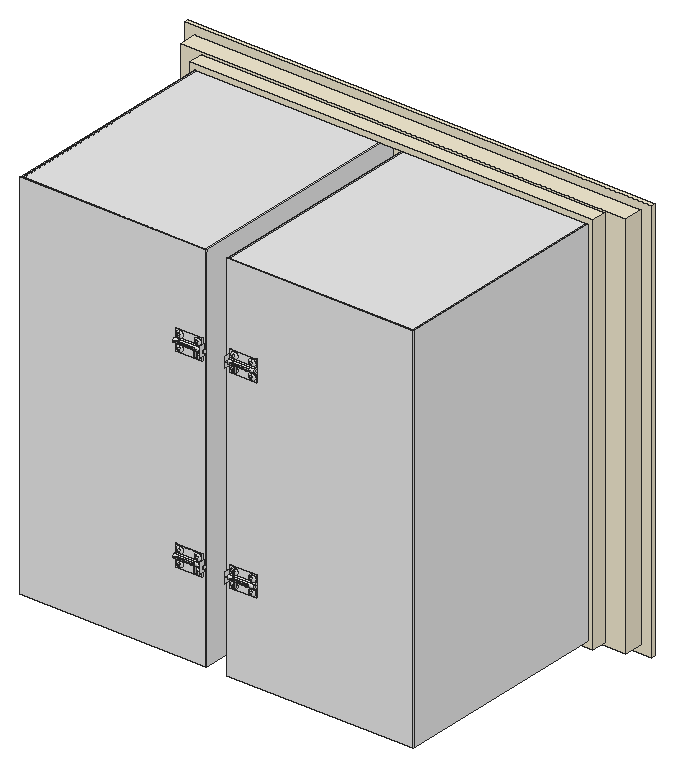
Revit family "4C-7_Door_High_Units_RL.rfa", category Specialty Equipment, host Wall, Revit 2016
Family settings
  Host = Wall
  Part Type = Normal
  Round Connector Dimension = Use Diameter
  Always vertical = Yes
  Cut with Voids When Loaded = No
  Shared = No
  Room Calculation Point = No
Parameters (values of type "3707D-12 RL")
  Width = 31.09766"
  Visible Door Number [instance] = yes
  Vertical Center Divider = yes
  Version = "2.0 (08/09/16)"
  Type Comments = "4C Standard Horizontal Mailbox - Rear Loading"
  Top Back Plate = no
  Right Inside Wall = yes
  Model = "3707D-12 RL"
  MasterFormat Title = "Postal Specialties"
  MasterFormat Number = "10 55 00"
  Manufacturer = "Salsbury Industries"
  Lock Material = Stainless Steel -Salsbury Finish =  Polished
  Left Inside Wall = yes
  Latch Locks - Right Side = yes
  Latch Locks - Left Side = yes
  Latch Alignment = 14.85742"
  Keynote = ""
  Height = 26.970"
  Front Panel Material [instance] = Aluminum - Salsbury Finish = Sandstone
  Door Slot R7 Number [instance] = "12"
  Door Slot R7 = 3700 Series 4C Door Configurations : MB1 Door w/ Divider
  Door Slot R6 Number [instance] = "11"
  Door Slot R6 = 3700 Series 4C Door Configurations : MB1 Door w/ Divider
  Door Slot R5 Number [instance] = "10"
  Door Slot R5 = 3700 Series 4C Door Configurations : MB1 Door w/ Divider
  Door Slot R4 Number [instance] = "0"
  Door Slot R4 = 3700 Series 4C OM2 Configuration : OM2-RL
  Door Slot R3 Number [instance] = "0"
  Door Slot R3 = 3700 Series 4C Door Configurations : Empty
  Door Slot R2 Number [instance] = "9"
  Door Slot R2 = 3700 Series 4C Door Configurations : MB1 Door w/ Divider
  Door Slot R1 Number [instance] = "8"
  Door Slot R1 = 3700 Series 4C Door Configurations : MB1 Door
  Door Slot L7 Number [instance] = "7"
  Door Slot L7 = 3700 Series 4C Door Configurations : MB1 Door w/ Divider
  Door Slot L6 Number [instance] = "6"
  Door Slot L6 = 3700 Series 4C Door Configurations : MB1 Door w/ Divider
  Door Slot L5 Number [instance] = "5"
  Door Slot L5 = 3700 Series 4C Door Configurations : MB1 Door w/ Divider
  Door Slot L4 Number [instance] = "4"
  Door Slot L4 = 3700 Series 4C Door Configurations : MB1 Door w/ Divider
  Door Slot L3 Number [instance] = "3"
  Door Slot L3 = 3700 Series 4C Door Configurations : MB1 Door w/ Divider
  Door Slot L2 Number [instance] = "2"
  Door Slot L2 = 3700 Series 4C Door Configurations : MB1 Door w/ Divider
  Door Slot L1 Number [instance] = "1"
  Door Slot L1 = 3700 Series 4C Door Configurations : MB1 Door
  Description = "7 Door High Unit: 12 MB1, OM2"
  Depth = 17.025"
  Center Extrusion Offset [instance] = 0.000"
  Bottom Back Plate = no
  Back Enclosure Material = Aluminum - Salsbury Finish = Anodized
  Assembly Code = "C1030910"
  Above Finished Floor (AFF-Bottom of Unit) [instance] = 26.683"
  Above Finished Floor (AFF-Bottom of Door) [instance] = 28.000"
Reference planes (in)
  plane 1 "Wall Centerline": y = 0
  plane 2 "Center (Left/Right)": x = 0
  plane 3 "Front": y = 3
  plane 4 "15" AFF": z = 28
  plane 5 "28" AFF": z = 28
  plane 6 "36" AFF": z = 36
  plane 7 "48" AFF": z = 48
  plane 8 "Bottom of Unit": z = 26.683
  plane 9 "Top of Unit": z = 53.653
  plane 10 "Left Side of Unit": x = 15.54883
  plane 11 "Right Side of Unit": x = -15.54883
  plane 12 "28" AFF_Bottom of Unit": z = 26.683
  plane 13 "Top Horiz Trim Align": z = 52.82225
  plane 14 "Bottom Horiz Trim Align": z = 27.515
  plane 15 "Left Trim Align": x = 14.716
  plane 16 "Right Trim Align": x = -14.716
  plane 17 "Left Door Align": x = 14.06641
  plane 18 "Right Door Align": x = -14.06641
  plane 19 "Top Horiz Door Align": z = 52.23125
  plane 20 "Bottom Horiz Door Align": z = 28
  plane 21 "Front Face of Unit": y = 3.265
  plane 22 "Top Housing Align": z = 53.149
  plane 23 "Top Collar Align": z = 53.001
  plane 24 "Top Box Align": z = 52.646
  plane 25 "Vertical Housing Align": y = 1.795
  plane 26 "Vertical Collar Align": y = 0.795
  plane 27 "Back of Unit": y = -13.76
  plane 28 "Bottom Housing Align": z = 27.187
  plane 29 "Bottom Collar Align": z = 27.335
  plane 30 "Bottom Box Align": z = 27.75
  plane 31 "Door Alignment": y = 2.66809
  plane 32 "Right Housing Align": x = -14.84183
  plane 33 "Right Collar Align": x = -13.40883
  plane 34 "Right Box Side Align": x = -13.08083
  plane 35 "Left Housing Align": x = 14.84183
  plane 36 "Left Collar Align": x = 13.40883
  plane 37 "Left Side Box Align": x = 13.08083
  plane 38 "Top Back Plate Align": z = 51.867
  plane 39 "Back": y = -3
  plane 40 "RO Left Side": x = 15.17383
  plane 41 "RO Right Side": x = -15.17383
  plane 42 "RO Bottom": z = 27.058
  plane 43 "RO Top": z = 53.278
  plane 44 "Horiz Centerline": z = 42.04237
  plane 45: x = 12.99983
  plane 46: x = 12.92758
  plane 47 "Center Extrusion": x = 0
  plane 48 "Center Extrusion Offset": x = 0
  plane 49 "Row 4 Top Align": z = 42
  plane 50 "Row 3 Top Align": z = 45.5
  plane 51 "Row 2 Top Align": z = 49
  plane 52 "Row 7 Top Align": z = 31.5
  plane 53 "Row 6 Top Align": z = 35
  plane 54 "Row 5 Top Align": z = 38.5
  plane 55 "Top of base shelf": z = 28.41625
  plane 56 "base shelf void": z = 28.23439
  plane 57: z = 29.999
  plane 58: z = 28.499
  plane 59 "bottom of base shelf": z = 27.88469
  plane 60 "Right Latch Align": x = -0.69141
  plane 61 "Left Latch Align": x = 0.69141
  plane 62 "Bottom Latch Align": z = 33.765
  plane 63 "Top Latch Align": z = 46.631
Forms (in)
  Extrusion 1, void
    sketch origin (0, 3, 0) x (1, 0, 0) y (0, 0, 1)
      loop
        line (15.17383, 53.278) -> (-15.17383, 53.278) -> (-15.17383, 27.058) -> (15.17383, 27.058) -> (15.17383, 53.278)
    from 0 to 15.27914
  Extrusion 2, solid, material "Aluminum - Salsbury Finish = Sandstone" <- "Front Panel Material"
    sketch origin (0, 3, 0) x (1, 0, 0) y (0, 0, 1)
      loop
        line (15.54883, 53.653) -> (-15.54883, 53.653) -> (-15.54883, 26.683) -> (15.54883, 26.683) -> (15.54883, 53.653)
    from -0.265 to 0
  Extrusion 3, void
    sketch origin (0, 3.265, 0.00774) x (0, 0, -1) y (-1, 0, 0)
      loop
        line (-52.81451, -14.716) -> (-27.50726, -14.716) -> (-27.50726, 14.716) -> (-52.81451, 14.716) -> (-52.81451, -14.716)
    from -0.265 to 0
  Extrusion 4, solid, material "Aluminum - Salsbury Finish = Sandstone" <- "Front Panel Material"
    sketch origin (14.98214, 3.265, -1.67978) x (0, 0, -1) y (-1, 0, 0)
      loop
        line (-54.50203, 29.69814) -> (-54.50203, 29.04855) -> (-29.19478, 29.04855) -> (-29.19478, 29.69814) -> (-54.50203, 29.69814)
    from 0 to -0.265
  Extrusion 5, solid, material "Aluminum - Salsbury Finish = Sandstone" <- "Front Panel Material"
    sketch origin (0, 3.265, 84.08475) x (0, 0, 1) y (1, 0, 0)
      loop
        line (-56.56975, 14.06641) -> (-56.56975, -14.06641) -> (-56.08475, -14.06641) -> (-56.08475, 14.06641) -> (-56.56975, 14.06641)
    from -0.265 to 0
  Extrusion 6, solid, material "Aluminum - Salsbury Finish = Sandstone" <- "Front Panel Material"
    sketch origin (0, 3, 84.08475) x (1, 0, 0) y (0, 0, 1)
      loop
        line (-14.84183, -56.89775) -> (14.84183, -56.89775) -> (14.84183, -30.93575) -> (-14.84183, -30.93575) -> (-14.84183, -56.89775)
    from 0 to 1.205
  Extrusion 7, solid, material "Aluminum - Salsbury Finish = Sandstone" <- "Front Panel Material"
    sketch origin (0, 1.795, 0) x (0, 0, 1) y (-1, 0, 0)
      loop
        line (27.335, 13.40883) -> (27.335, -13.40883) -> (53.001, -13.40883) -> (53.001, 13.40883) -> (27.335, 13.40883)
    from 0 to 1
  Extrusion 8, void
    sketch origin (0, 1.795, 0) x (0, 0, 1) y (-1, 0, 0)
      loop
        line (52.646, 13.08083) -> (27.75, 13.08083) -> (27.75, -13.08083) -> (52.646, -13.08083) -> (52.646, 13.08083)
    from 0 to 1
  Extrusion 9, solid, material "Aluminum - Salsbury Finish = Sandstone" <- "Front Panel Material"
    sketch origin (0, 3.265, 0) x (0, 0, -1) y (-1, 0, 0)
      loop
        line (-52.82225, -14.716) -> (-27.515, -14.716) -> (-27.515, -14.06641) -> (-52.82225, -14.06641) -> (-52.82225, -14.716)
    from 0 to -0.265
  Extrusion 10, solid, material "Aluminum - Salsbury Finish = Sandstone" <- "Front Panel Material"
    sketch origin (0, 3.265, 0) x (0, 0, -1) y (-1, 0, 0)
      loop
        line (-52.82225, -14.06641) -> (-52.23125, -14.06641) -> (-52.23125, 14.06641) -> (-52.82225, 14.06641) -> (-52.82225, -14.06641)
    from -0.265 to 0
  Extrusion 11, void
    sketch origin (0, 1.795, 0) x (0, 0, 1) y (-1, 0, 0)
      loop
        line (53.001, -13.40883) -> (53.001, 13.40883) -> (27.335, 13.40883) -> (27.335, -13.40883) -> (53.001, -13.40883)
    from -1.124 to 0
  Extrusion 12, void
    sketch origin (0, 3, 0) x (1, 0, 0) y (0, 0, 1)
      loop
        line (14.06641, 53.001) -> (-14.06641, 53.001) -> (-14.06641, 27.335) -> (14.06641, 27.335) -> (14.06641, 53.001)
    from 0 to 0.33191
  Extrusion 13, solid, material "Aluminum - Salsbury Finish = Anodized" <- "Back Enclosure Material"
    sketch origin (-0.54283, 1.795, 0) x (0, 0, 1) y (-1, 0, 0)
      loop
        line (52.646, 12.538) -> (27.75, 12.538) -> (27.75, 12.457) -> (52.646, 12.457) -> (52.646, 12.538)
    from 0 to 15.47297
  Extrusion 14, solid, material "Aluminum - Salsbury Finish = Anodized" <- "Back Enclosure Material", visible <- "Right Inside Wall"
    sketch origin (11.7675, 1.795, 0) x (0, 0, 1) y (-1, 0, 0)
      loop
        line (52.646, 12.538) -> (27.75, 12.538) -> (27.75, 12.457) -> (52.646, 12.457) -> (52.646, 12.538)
    from 0 to 15.47297
  Extrusion 15, solid, material "Aluminum - Salsbury Finish = Anodized" <- "Back Enclosure Material"
    sketch origin (0.54283, 1.795, 0) x (0, 0, 1) y (-1, 0, 0)
      loop
        line (52.646, -12.538) -> (52.646, -12.457) -> (27.75, -12.457) -> (27.75, -12.538) -> (52.646, -12.538)
    from 0 to 15.47297
  Extrusion 16, solid, material "Aluminum - Salsbury Finish = Anodized" <- "Back Enclosure Material", visible <- "Left Inside Wall"
    sketch origin (-11.7675, 1.795, 0) x (0, 0, 1) y (-1, 0, 0)
      loop
        line (52.646, -12.538) -> (52.646, -12.457) -> (27.75, -12.457) -> (27.75, -12.538) -> (52.646, -12.538)
    from 0 to 15.47297
  Extrusion 17, solid, material "Aluminum - Salsbury Finish = Anodized" <- "Back Enclosure Material"
    sketch origin (0, -13.76, 0) x (0, 0, 1) y (-1, 0, 0)
      loop
        line (52.646, 13.08083) -> (27.75, 13.08083) -> (27.75, -13.08083) -> (52.646, -13.08083) -> (52.646, 13.08083)
    from -0.08203 to 0
  Extrusion 18, solid, material "Aluminum - Salsbury Finish = Anodized" <- "Back Enclosure Material"
    sketch origin (0, 0, 52.646) x (0, 1, 0) y (-1, 0, 0)
      loop
        line (1.795, 12.99983) -> (-13.67797, 12.99983) -> (-13.67797, -12.99983) -> (1.795, -12.99983) -> (1.795, 12.99983)
    from -0.35871 to 0
  Extrusion 19, void
    sketch origin (0, 0, 52.646) x (0, 1, 0) y (-1, 0, 0)
      loop
        line (1.7325, 12.93342) -> (-13.61547, 12.93342) -> (-13.61547, -12.92758) -> (1.7325, -12.92758) -> (1.7325, 12.93342)
    from -0.0723 to -0.6459
  Extrusion 20, solid, material "Aluminum - Salsbury Finish = Anodized" <- "Back Enclosure Material"
    sketch origin (0, 0, 27.88469) x (-1, 0, 0) y (0, -1, 0)
      loop
        line (12.99983, -1.795) -> (12.99983, 13.67797) -> (-12.99983, 13.67797) -> (-12.99983, -1.795) -> (12.99983, -1.795)
    from 0.53156 to 0
  Extrusion 21, void
    sketch origin (0, 0, 27.88469) x (-1, 0, 0) y (0, -1, 0)
      loop
        line (12.93342, -1.7325) -> (12.93342, 13.61547) -> (-12.92758, 13.61547) -> (-12.92758, -1.7325) -> (12.93342, -1.7325)
    from 0.3497 to 0
  Extrusion 22, solid, material "Aluminum - Salsbury Finish = Anodized" <- "Back Enclosure Material", visible <- "Top Back Plate"
    sketch origin (0, -13.76, 0) x (0, 0, 1) y (-1, 0, 0)
      loop
        line (51.867, 2) -> (50.367, 2) -> (50.367, -2) -> (51.867, -2) -> (51.867, 2)
    from 0 to 0.08203
  Extrusion 23, solid, material "Aluminum - Salsbury Finish = Anodized" <- "Back Enclosure Material", visible <- "Bottom Back Plate"
    sketch origin (0, -13.76, 84.11475) x (0, 0, -1) y (1, 0, 0)
      loop
        line (55.61575, -2) -> (55.61575, 2) -> (54.11575, 2) -> (54.11575, -2) -> (55.61575, -2)
    from 0 to 0.08203
  Extrusion 24, void
    sketch origin (0, 0, 0) x (0, 0, 1) y (0, 1, 0)
      loop
        line (52.646, 1.795) -> (52.82225, 1.795) -> (52.82225, 3.265) -> (27.515, 3.265) -> (27.515, 1.795) -> (27.75, 1.795) -> (27.75, -13.76) -> (52.646, -13.76) -> (52.646, 1.795)
    from -0.69141 to 0.69141
  Extrusion 25, solid, material "Aluminum - Salsbury Finish = Sandstone" <- "Front Panel Material", visible <- "Vertical Center Divider"
    sketch origin (-0.77934, 3.265, 0) x (0, 0, -1) y (-1, 0, 0)
      loop
        line (-52.82225, -1.47075) -> (-27.515, -1.47075) -> (-27.515, -0.08794) -> (-52.82225, -0.08794) -> (-52.82225, -1.47075)
    from 0 to -1.47
Cuts and joins
  Extrusion 3, Extrusion 11, Extrusion 24 cuts Extrusion 2
  Extrusion 8, Extrusion 11, Extrusion 12, Extrusion 24 cuts Extrusion 5
  Extrusion 8, Extrusion 12, Extrusion 19, Extrusion 24 cuts Extrusion 7
  Extrusion 11, Extrusion 12, Extrusion 24 cuts Extrusion 10
  Extrusion 11, Extrusion 12 cuts Extrusion 6
  Extrusion 12 cuts Extrusion 4
  Extrusion 12 cuts Extrusion 9
  Extrusion 19, Extrusion 21, Extrusion 24 cuts Extrusion 18
  Extrusion 21, Extrusion 24 cuts Extrusion 20
  Extrusion 24 cuts Extrusion 17
  Extrusion 24 cuts Extrusion 22
  Extrusion 24 cuts Extrusion 23
Lines and regions (in)
  model lines
    curve 1: line (15.54883, 3.265, 53.653) -> (14.716, 3.265, 52.82017)
    curve 2: line (-15.54883, 3.265, 53.653) -> (-14.716, 3.265, 52.82017)
    curve 3: line (-15.54883, 3.265, 26.683) -> (-14.716, 3.265, 27.51583)
    curve 4: line (15.54883, 3.265, 26.683) -> (14.716, 3.265, 27.51583)
  reference lines
    curve 5: line (-14.06641, 2.66809, 25.683) -> (-14.06641, 2.66809, 57.93425)
    curve 6: line (14.06641, 2.66809, 26.183) -> (14.06641, 2.66809, 57.93425)
Text (in)
  text "Placement Side" at (0, 40.15149, 123.01588), in view "Right"
  text "Placement Side" at (-58.6842, 42.74981, 0), in view "Ref. Level"
  text "Placement Side" at (0, 47.49176, 140.59947), in view "Left"
Dimensions and locks (in)
  locked: plane 3 "Front" to host wall
  "Above Finished Floor (AFF-Bottom of Door)": level to plane 4 "15" AFF"
  locked: level to plane 5 "28" AFF" at 28
  locked: level to plane 6 "36" AFF" at 36
  locked: level to plane 7 "48" AFF" at 48
  equal spacing: plane 11 "Right Side of Unit", plane 2 "Center (Left/Right)", plane 10 "Left Side of Unit"
  plane 8 "Bottom of Unit" to plane 4 "15" AFF" = 1.317"
  "Width": plane 11 "Right Side of Unit" to plane 10 "Left Side of Unit"
  "Height": plane 8 "Bottom of Unit" to plane 9 "Top of Unit"
  plane 12 "28" AFF_Bottom of Unit" to plane 5 "28" AFF" = 1.317"
  locked: plane 15 "Left Trim Align" to plane 10 "Left Side of Unit" at 0.83283
  locked: plane 16 "Right Trim Align" to plane 11 "Right Side of Unit" at 0.83283
  locked: plane 13 "Top Horiz Trim Align" to plane 9 "Top of Unit" at 0.83075
  locked: plane 8 "Bottom of Unit" to plane 14 "Bottom Horiz Trim Align" at 0.832
  plane 17 "Left Door Align" to plane 15 "Left Trim Align" = 0.64959"
  plane 18 "Right Door Align" to plane 16 "Right Trim Align" = 0.64959"
  locked: plane 19 "Top Horiz Door Align" to plane 13 "Top Horiz Trim Align" at 0.591
  locked: plane 14 "Bottom Horiz Trim Align" to plane 20 "Bottom Horiz Door Align" at 0.485
  plane 20 "Bottom Horiz Door Align" to level = 28.000"
  plane 5 "28" AFF" to level = 28.000"
  plane 6 "36" AFF" to level = 36.000"
  plane 7 "48" AFF" to level = 48.000"
  plane 9 "Top of Unit" to plane 8 "Bottom of Unit" = 26.970"
  plane 21 "Front Face of Unit" to host wall = 0.265"
  locked: host wall to plane 25 "Vertical Housing Align" at 1.205
  locked: plane 25 "Vertical Housing Align" to plane 26 "Vertical Collar Align" at 1
  plane 25 "Vertical Housing Align" to plane 27 "Back of Unit" = 15.555"
  "Depth": plane 21 "Front Face of Unit" to plane 27 "Back of Unit"
  locked: plane 9 "Top of Unit" to plane 22 "Top Housing Align" at 0.504
  locked: plane 22 "Top Housing Align" to plane 23 "Top Collar Align" at 0.148
  locked: plane 23 "Top Collar Align" to plane 24 "Top Box Align" at 0.355
  locked: plane 28 "Bottom Housing Align" to plane 8 "Bottom of Unit" at 0.504
  locked: plane 29 "Bottom Collar Align" to plane 28 "Bottom Housing Align" at 0.148
  locked: plane 30 "Bottom Box Align" to plane 29 "Bottom Collar Align" at 0.415
  plane 24 "Top Box Align" to plane 30 "Bottom Box Align" = 24.896"  (x2)
  locked: plane 21 "Front Face of Unit" to plane 31 "Door Alignment" at 0.59691
  plane 11 "Right Side of Unit" to plane 32 "Right Housing Align" to plane 33 "Right Collar Align" to plane 34 "Right Box Side Align" = 0.707" locked, 1.433" locked, 0.328" locked
  plane 37 "Left Side Box Align" to plane 36 "Left Collar Align" to plane 35 "Left Housing Align" to plane 10 "Left Side of Unit" = 0.328" locked, 1.433" locked, 0.707" locked
  plane 11 "Right Side of Unit" to plane 32 "Right Housing Align" to plane 33 "Right Collar Align" to plane 34 "Right Box Side Align" = 0.707", 1.433", 0.328"
  plane 37 "Left Side Box Align" to plane 36 "Left Collar Align" to plane 35 "Left Housing Align" to plane 10 "Left Side of Unit" = 0.328", 1.433", 0.707"
  plane 9 "Top of Unit" to plane 24 "Top Box Align" = 1.007"
  plane 30 "Bottom Box Align" to plane 8 "Bottom of Unit" = 1.067"
  locked: plane 24 "Top Box Align" to plane 38 "Top Back Plate Align" at 0.779
  locked: plane 40 "RO Left Side" to plane 10 "Left Side of Unit" at 0.375
  locked: plane 41 "RO Right Side" to plane 11 "Right Side of Unit" at 0.375
  locked: plane 8 "Bottom of Unit" to plane 42 "RO Bottom" at 0.375
  locked: plane 43 "RO Top" to plane 9 "Top of Unit" at 0.375
  Extrusion 13 to Extrusion 13 = 0.081"
  Extrusion 15 to Extrusion 15 = 0.081"
  plane 45 to plane 37 "Left Side Box Align" = 0.081"
  plane 46 to plane 45 = 0.07225"
  plane 18 "Right Door Align" to plane 17 "Left Door Align" = 28.13281"
  "Center Extrusion Offset": plane 47 "Center Extrusion" to plane 48 "Center Extrusion Offset"
  plane 20 "Bottom Horiz Door Align" to plane 52 "Row 7 Top Align" to plane 53 "Row 6 Top Align" to plane 54 "Row 5 Top Align" to plane 49 "Row 4 Top Align" to plane 50 "Row 3 Top Align" = 3.500" locked, 3.500" locked, 3.500" locked, 3.500" locked, 3.500" locked
  locked: plane 50 "Row 3 Top Align" to plane 51 "Row 2 Top Align" at 3.5
  plane 55 "Top of base shelf" to plane 56 "base shelf void" to plane 59 "bottom of base shelf" to plane 30 "Bottom Box Align" = 0.18186" locked, 0.3497" locked, 0.13469" locked
  plane 57 to plane 58 to plane 8 "Bottom of Unit" = 1.500" locked, 1.816" locked
  "Above Finished Floor (AFF-Bottom of Unit)": level to plane 8 "Bottom of Unit"
  locked: plane 60 "Right Latch Align" to plane 61 "Left Latch Align" at 1.38281
  plane 62 "Bottom Latch Align" to plane 30 "Bottom Box Align" = 6.015"
  plane 24 "Top Box Align" to plane 63 "Top Latch Align" = 6.015"
  "Latch Alignment": plane 11 "Right Side of Unit" to plane 60 "Right Latch Align"
  aligned and locked: plane 8 "Bottom of Unit" to Extrusion 2 sketch curve
  aligned and locked: plane 10 "Left Side of Unit" to Extrusion 2 sketch curve
  aligned and locked: Extrusion 2 sketch curve to plane 11 "Right Side of Unit"
  aligned and locked: Extrusion 2 sketch curve to plane 9 "Top of Unit"
  aligned and locked: plane 21 "Front Face of Unit" to Extrusion 2
  aligned and locked: Extrusion 4 to plane 16 "Right Trim Align"
  aligned and locked: plane 18 "Right Door Align" to Extrusion 4
  aligned and locked: plane 13 "Top Horiz Trim Align" to Extrusion 4
  aligned and locked: Extrusion 5 to plane 14 "Bottom Horiz Trim Align"
  aligned and locked: Extrusion 5 to plane 17 "Left Door Align"
  aligned and locked: plane 20 "Bottom Horiz Door Align" to Extrusion 5
  aligned and locked: Extrusion 5 to plane 18 "Right Door Align"
  aligned and locked: plane 34 "Right Box Side Align" to Extrusion 17 sketch curve
  aligned and locked: Extrusion 17 sketch curve to plane 24 "Top Box Align"
  aligned and locked: Extrusion 17 sketch curve to plane 37 "Left Side Box Align"
  aligned and locked: plane 30 "Bottom Box Align" to Extrusion 17 sketch curve
  aligned and locked: plane 25 "Vertical Housing Align" to Extrusion 18 sketch curve
  aligned and locked: Extrusion 18 sketch curve to plane 45
  aligned and locked: plane 46 to Extrusion 19
  aligned and locked: plane 45 to cut or joined group of Extrusion 18, Extrusion 19, Extrusion 21, Extrusion 24
  aligned and locked: plane 25 "Vertical Housing Align" to Extrusion 20 sketch curve
  aligned and locked: Extrusion 20 sketch curve to plane 45
  aligned and locked: plane 46 to cut or joined group of Extrusion 20, Extrusion 21, Extrusion 24
  aligned and locked: plane 17 "Left Door Align" to cut or joined group of Extrusion 9, Extrusion 12
  aligned and locked: plane 25 "Vertical Housing Align" to Extrusion 25
  aligned and locked: plane 21 "Front Face of Unit" to Extrusion 25
  aligned and locked: nested 8 to plane 17 "Left Door Align"
  aligned and locked: plane 31 "Door Alignment" to nested 8  (x2)
  aligned and locked: nested 9 to plane 17 "Left Door Align"
  aligned and locked: plane 31 "Door Alignment" to nested 9  (x2)
  aligned and locked: nested 7 to curve 5
  aligned and locked: nested 6 to curve 5
  aligned and locked: nested 5 to curve 5
  aligned and locked: nested 3 to curve 5
  aligned and locked: nested 14 to curve 6
  aligned and locked: nested 13 to curve 6
  aligned and locked: nested 12 to curve 6
  aligned and locked: nested 11 to curve 6
  aligned and locked: nested 10 to curve 6
  aligned and locked: nested 9 to curve 6
  aligned and locked: nested 8 to curve 6
  aligned and locked: plane 31 "Door Alignment" to nested 6
  aligned and locked: plane 31 "Door Alignment" to nested 13
  aligned and locked: plane 31 "Door Alignment" to nested 5
  aligned and locked: plane 31 "Door Alignment" to nested 3
  aligned and locked: plane 31 "Door Alignment" to nested 10
  aligned and locked: plane 31 "Door Alignment" to nested 12
  aligned and locked: plane 31 "Door Alignment" to nested 2
  aligned and locked: plane 31 "Door Alignment" to nested 4
  aligned and locked: nested 1 to curve 5
  aligned and locked: nested 2 to curve 5
  aligned and locked: nested 4 to curve 5
  aligned and locked: plane 31 "Door Alignment" to nested 1
  aligned and locked: plane 31 "Door Alignment" to nested 7
  aligned and locked: cut or joined group of Extrusion 23, Extrusion 24 to plane 58
  aligned and locked: plane 55 "Top of base shelf" to cut or joined group of Extrusion 20, Extrusion 21, Extrusion 24
  aligned and locked: cut or joined group of Extrusion 20, Extrusion 21, Extrusion 24 to plane 59 "bottom of base shelf"
  aligned and locked: plane 20 "Bottom Horiz Door Align" to nested 7
  aligned and locked: plane 20 "Bottom Horiz Door Align" to nested 14
  aligned and locked: plane 52 "Row 7 Top Align" to nested 6
  aligned and locked: plane 52 "Row 7 Top Align" to nested 13
  aligned and locked: plane 53 "Row 6 Top Align" to nested 5
  aligned and locked: plane 53 "Row 6 Top Align" to nested 12
  aligned and locked: plane 54 "Row 5 Top Align" to nested 4
  aligned and locked: plane 54 "Row 5 Top Align" to nested 11
  aligned and locked: plane 49 "Row 4 Top Align" to nested 3
  aligned and locked: plane 49 "Row 4 Top Align" to nested 10
  aligned and locked: plane 50 "Row 3 Top Align" to nested 2
  aligned and locked: plane 50 "Row 3 Top Align" to nested 9
  aligned and locked: plane 51 "Row 2 Top Align" to nested 1
  aligned and locked: plane 51 "Row 2 Top Align" to nested 8
  aligned and locked: plane 31 "Door Alignment" to nested 11
  aligned and locked: plane 31 "Door Alignment" to nested 14
  aligned and locked: nested 16 to plane 27 "Back of Unit"
  aligned and locked: nested 15 to plane 27 "Back of Unit"
  aligned and locked: nested 18 to plane 27 "Back of Unit"
  aligned and locked: nested 17 to plane 27 "Back of Unit"
  aligned and locked: plane 62 "Bottom Latch Align" to nested 18
  aligned and locked: plane 62 "Bottom Latch Align" to nested 17
  aligned and locked: plane 63 "Top Latch Align" to nested 16
  aligned and locked: plane 63 "Top Latch Align" to nested 15
  aligned and locked: plane 60 "Right Latch Align" to nested 17
  aligned and locked: plane 61 "Left Latch Align" to nested 18
  aligned and locked: plane 61 "Left Latch Align" to nested 16
  aligned and locked: plane 60 "Right Latch Align" to nested 15
Automatic sketch dimensions
  Extrusion 1 sketch curve to plane 41 "RO Right Side" = 0.000"
  plane 40 "RO Left Side" to Extrusion 1 sketch curve = 0.000"
  Extrusion 1 sketch curve to plane 42 "RO Bottom" = 0.000"
  Extrusion 1 sketch curve to plane 43 "RO Top" = 0.000"
  Extrusion 6 sketch curve to plane 22 "Top Housing Align" = 0.000"
  Extrusion 6 sketch curve to plane 32 "Right Housing Align" = 0.000"
  Extrusion 6 sketch curve to plane 35 "Left Housing Align" = 0.000"
  Extrusion 6 sketch curve to plane 28 "Bottom Housing Align" = 0.000"
  Extrusion 7 sketch curve to plane 29 "Bottom Collar Align" = 0.000"
  Extrusion 7 sketch curve to plane 23 "Top Collar Align" = 0.000"
  plane 36 "Left Collar Align" to Extrusion 7 sketch curve = 0.000"
  Extrusion 7 sketch curve to plane 33 "Right Collar Align" = 0.000"
  Extrusion 8 sketch curve to plane 30 "Bottom Box Align" = 0.000"
  Extrusion 8 sketch curve to plane 24 "Top Box Align" = 0.000"
  Extrusion 8 sketch curve to plane 37 "Left Side Box Align" = 0.000"
  plane 34 "Right Box Side Align" to Extrusion 8 sketch curve = 0.000"
  Extrusion 11 sketch curve to plane 29 "Bottom Collar Align" = 0.000"
  Extrusion 11 sketch curve to plane 23 "Top Collar Align" = 0.000"
  plane 36 "Left Collar Align" to Extrusion 11 sketch curve = 0.000"
  plane 33 "Right Collar Align" to Extrusion 11 sketch curve = 0.000"
  Extrusion 13 sketch curve to plane 30 "Bottom Box Align" = 0.000"
  Extrusion 13 sketch curve to plane 24 "Top Box Align" = 0.000"
  plane 34 "Right Box Side Align" to Extrusion 13 sketch curve = 0.000"
  Extrusion 13 sketch curve to Extrusion 13 sketch curve = 0.081"
  Extrusion 15 sketch curve to plane 30 "Bottom Box Align" = 0.000"
  Extrusion 15 sketch curve to plane 24 "Top Box Align" = 0.000"
  plane 37 "Left Side Box Align" to Extrusion 15 sketch curve = 0.000"
  plane 37 "Left Side Box Align" to Extrusion 15 sketch curve = 0.081"
  Extrusion 18 sketch curve to plane 27 "Back of Unit" = 0.08203"
  plane 34 "Right Box Side Align" to Extrusion 18 sketch curve = 0.081"
  curve 2 to plane 9 "Top of Unit" = 0.000"
  curve 1 to plane 9 "Top of Unit" = 0.000"
  curve 2 to plane 16 "Right Trim Align" = 0.000"
  plane 15 "Left Trim Align" to curve 1 = 0.000"
  curve 3 to plane 16 "Right Trim Align" = 0.000"
  plane 15 "Left Trim Align" to curve 4 = 0.000"
  curve 4 to plane 8 "Bottom of Unit" = 0.000"
  curve 3 to plane 8 "Bottom of Unit" = 0.000"
  plane 10 "Left Side of Unit" to curve 4 = 0.000"
  plane 10 "Left Side of Unit" to curve 1 = 0.000"
  plane 11 "Right Side of Unit" to curve 3 = 0.000"
  plane 11 "Right Side of Unit" to curve 2 = 0.000"
  curve 2 to plane 13 "Top Horiz Trim Align" = 0.00208"
  curve 1 to plane 13 "Top Horiz Trim Align" = 0.00208"
  plane 14 "Bottom Horiz Trim Align" to curve 3 = 0.00083"
  plane 14 "Bottom Horiz Trim Align" to curve 4 = 0.00083"
  Extrusion 3 sketch curve to plane 13 "Top Horiz Trim Align" = 0.000"
  Extrusion 3 sketch curve to plane 14 "Bottom Horiz Trim Align" = 0.000"
  plane 15 "Left Trim Align" to Extrusion 3 sketch curve = 0.000"
  Extrusion 3 sketch curve to plane 16 "Right Trim Align" = 0.000"
  plane 13 "Top Horiz Trim Align" to Extrusion 4 sketch curve = 0.000"
  plane 14 "Bottom Horiz Trim Align" to Extrusion 4 sketch curve = 0.000"
  Extrusion 4 sketch curve to plane 16 "Right Trim Align" = 0.000"
  Extrusion 4 sketch curve to plane 18 "Right Door Align" = 0.000"
  Extrusion 5 sketch curve to plane 14 "Bottom Horiz Trim Align" = 0.000"
  Extrusion 5 sketch curve to plane 4 "15" AFF" = 0.000"
  plane 17 "Left Door Align" to Extrusion 5 sketch curve = 0.000"
  Extrusion 5 sketch curve to plane 18 "Right Door Align" = 0.000"
  Extrusion 9 sketch curve to plane 13 "Top Horiz Trim Align" = 0.000"
  Extrusion 9 sketch curve to plane 14 "Bottom Horiz Trim Align" = 0.000"
  plane 15 "Left Trim Align" to Extrusion 9 sketch curve = 0.000"
  plane 17 "Left Door Align" to Extrusion 9 sketch curve = 0.000"
  Extrusion 10 sketch curve to plane 13 "Top Horiz Trim Align" = 0.000"
  plane 17 "Left Door Align" to Extrusion 10 sketch curve = 0.000"
  Extrusion 10 sketch curve to plane 18 "Right Door Align" = 0.000"
  Extrusion 10 sketch curve to plane 19 "Top Horiz Door Align" = 0.000"
  Extrusion 12 sketch curve to plane 18 "Right Door Align" = 0.000"
  plane 17 "Left Door Align" to Extrusion 12 sketch curve = 0.000"
  Extrusion 12 sketch curve to plane 29 "Bottom Collar Align" = 0.000"
  Extrusion 12 sketch curve to plane 23 "Top Collar Align" = 0.000"
  Extrusion 14 sketch curve to plane 30 "Bottom Box Align" = 0.000"
  Extrusion 14 sketch curve to plane 24 "Top Box Align" = 0.000"
  Extrusion 14 sketch curve to plane 2 "Center (Left/Right)" = 0.6895"
  Extrusion 14 sketch curve to Extrusion 14 sketch curve = 0.081"
  Extrusion 16 sketch curve to plane 30 "Bottom Box Align" = 0.000"
  Extrusion 16 sketch curve to plane 24 "Top Box Align" = 0.000"
  Extrusion 16 sketch curve to plane 2 "Center (Left/Right)" = 0.6895"
  Extrusion 16 sketch curve to Extrusion 16 sketch curve = 0.081"
  Extrusion 19 sketch curve to plane 46 = 0.000"
  Extrusion 19 sketch curve to plane 27 "Back of Unit" = 0.14453"
  plane 25 "Vertical Housing Align" to Extrusion 19 sketch curve = 0.0625"
  plane 34 "Right Box Side Align" to Extrusion 19 sketch curve = 0.14741"
  Extrusion 22 sketch curve to plane 38 "Top Back Plate Align" = 0.000"
  plane 38 "Top Back Plate Align" to Extrusion 22 sketch curve = 1.500"
  plane 2 "Center (Left/Right)" to Extrusion 22 sketch curve = 2.000"
  Extrusion 22 sketch curve to plane 2 "Center (Left/Right)" = 2.000"
  Extrusion 23 sketch curve to plane 2 "Center (Left/Right)" = 2.000"
  plane 2 "Center (Left/Right)" to Extrusion 23 sketch curve = 2.000"
  Extrusion 24 sketch curve to plane 14 "Bottom Horiz Trim Align" = 0.000"
  Extrusion 24 sketch curve to plane 25 "Vertical Housing Align" = 0.000"  (x2)
  Extrusion 24 sketch curve to plane 30 "Bottom Box Align" = 0.000"
  Extrusion 24 sketch curve to plane 24 "Top Box Align" = 0.000"
  Extrusion 24 sketch curve to plane 13 "Top Horiz Trim Align" = 0.000"
  Extrusion 24 sketch curve to plane 27 "Back of Unit" = 0.000"
  Extrusion 24 sketch curve to plane 21 "Front Face of Unit" = 0.000"
  Extrusion 25 sketch curve to plane 13 "Top Horiz Trim Align" = 0.000"
  Extrusion 25 sketch curve to plane 14 "Bottom Horiz Trim Align" = 0.000"
  plane 2 "Center (Left/Right)" to Extrusion 25 sketch curve = 0.69141"
  Extrusion 25 sketch curve to plane 2 "Center (Left/Right)" = 0.69141"
  curve 5 to plane 18 "Right Door Align" = 0.000"
  plane 17 "Left Door Align" to curve 6 = 0.000"
  curve 5 to plane 8 "Bottom of Unit" = 1.000"
  curve 6 to plane 8 "Bottom of Unit" = 0.500"
  plane 9 "Top of Unit" to curve 6 = 4.28125"
  plane 9 "Top of Unit" to curve 5 = 4.28125"
  Extrusion 23 sketch curve to plane 4 "15" AFF" = 0.499"
  Extrusion 23 sketch curve to Extrusion 23 sketch curve = 1.500"
  plane 34 "Right Box Side Align" to Extrusion 20 sketch curve = 0.081"
  Extrusion 20 sketch curve to plane 27 "Back of Unit" = 0.08203"
  Extrusion 21 sketch curve to plane 46 = 0.000"
  plane 34 "Right Box Side Align" to Extrusion 21 sketch curve = 0.14741"
  plane 25 "Vertical Housing Align" to Extrusion 21 sketch curve = 0.0625"
  Extrusion 21 sketch curve to plane 27 "Back of Unit" = 0.14453"
Nested families (in)
  nested 1: "3700 Series 4C Door Configurations" at (-7.37891, 2.79505, 49) x (-1, 0, 0) z (0, 0, 1), type <- "Door Slot R1", Door Number <- "Door Slot R1 Number", type "MB1 Door"
    with Door Number "8"
  nested 2: "3700 Series 4C Door Configurations" at (-7.37891, 2.79505, 45.5) x (-1, 0, 0) z (0, 0, 1), type <- "Door Slot R2", Door Number <- "Door Slot R2 Number", type "MB1 Door w/ Divider"
    with Door Number "9"
  nested 3: "3700 Series 4C Door Configurations" at (-7.37891, 2.79505, 42) x (-1, 0, 0) z (0, 0, 1), type <- "Door Slot R3", Door Number <- "Door Slot R3 Number", type "Empty"
    with Door Number "0"
  nested 4: "3700 Series 4C OM2 Configuration" at (-7.37891, 2.79505, 38.5) x (-1, 0, 0) z (0, 0, 1), type <- "Door Slot R4", Door Number <- "Door Slot R4 Number", type "OM2-RL"
    with Door Number "0"
  nested 5: "3700 Series 4C Door Configurations" at (-7.37891, 2.79505, 35) x (-1, 0, 0) z (0, 0, 1), type <- "Door Slot R5", Door Number <- "Door Slot R5 Number", type "MB1 Door w/ Divider"
    with Door Number "10"
  nested 6: "3700 Series 4C Door Configurations" at (-7.37891, 2.79505, 31.5) x (-1, 0, 0) z (0, 0, 1), type <- "Door Slot R6", Door Number <- "Door Slot R6 Number", type "MB1 Door w/ Divider"
    with Door Number "11"
  nested 7: "3700 Series 4C Door Configurations" at (-7.37891, 2.79505, 28) x (-1, 0, 0) z (0, 0, 1), type <- "Door Slot R7", Door Number <- "Door Slot R7 Number", type "MB1 Door w/ Divider"
    with Door Number "12"
  nested 8: "3700 Series 4C Door Configurations" at (7.37891, 2.79505, 49) x (-1, 0, 0) z (0, 0, 1), type <- "Door Slot L1", Door Number <- "Door Slot L1 Number", type "MB1 Door"
    with Door Number "1"
  nested 9: "3700 Series 4C Door Configurations" at (7.37891, 2.79505, 45.5) x (-1, 0, 0) z (0, 0, 1), type <- "Door Slot L2", Door Number <- "Door Slot L2 Number", type "MB1 Door w/ Divider"
    with Door Number "2"
  nested 10: "3700 Series 4C Door Configurations" at (7.37891, 2.79505, 42) x (-1, 0, 0) z (0, 0, 1), type <- "Door Slot L3", Door Number <- "Door Slot L3 Number", type "MB1 Door w/ Divider"
    with Door Number "3"
  nested 11: "3700 Series 4C Door Configurations" at (7.37891, 2.79505, 38.5) x (-1, 0, 0) z (0, 0, 1), type <- "Door Slot L4", Door Number <- "Door Slot L4 Number", type "MB1 Door w/ Divider"
    with Door Number "4"
  nested 12: "3700 Series 4C Door Configurations" at (7.37891, 2.79505, 35) x (-1, 0, 0) z (0, 0, 1), type <- "Door Slot L5", Door Number <- "Door Slot L5 Number", type "MB1 Door w/ Divider"
    with Door Number "5"
  nested 13: "3700 Series 4C Door Configurations" at (7.37891, 2.79505, 31.5) x (-1, 0, 0) z (0, 0, 1), type <- "Door Slot L6", Door Number <- "Door Slot L6 Number", type "MB1 Door w/ Divider"
    with Door Number "6"
  nested 14: "3700 Series 4C Door Configurations" at (7.37891, 2.79505, 28) x (-1, 0, 0) z (0, 0, 1), Door Number <- "Door Slot L7 Number", type <- "Door Slot L7", type "MB1 Door w/ Divider"
    with Door Number "7"
  nested 15: "4C Latch Lock-Right" at (-1.81641, -13.882, 45.9435) x (-1, 0, 0) z (0, 0, 1), type "Lock Latch"
  nested 16: "4C Latch Lock-Left" at (1.81641, -13.882, 45.9435) x (-1, 0, 0) z (0, 0, 1), type "Lock Latch"
  nested 17: "4C Latch Lock-Right" at (-1.81641, -13.882, 33.0775) x (-1, 0, 0) z (0, 0, 1), type "Lock Latch"
  nested 18: "4C Latch Lock-Left" at (1.81641, -13.882, 33.0775) x (-1, 0, 0) z (0, 0, 1), type "Lock Latch"
Definition of nested family "3700 Series 4C Door Configurations"
  Parameters (values of type "MB1 Door w/ Divider")
    Weight = "5 lbs."
    Visible Door Number = yes
    URL = ""
    Model = "3700MB1"
    Manufacturer = "Salsbury Industries"
    Lock Material = none
    Inset Offset = 0.000"
    Front Panel Material = none
    Door Width = 13.375"
    Door Visibility-MB1 = yes
    Door Number [instance] = "101"
    Door Lock = yes
    Door Height = 3.23047"
    Door Divider = yes
    Door Depth = 0.25391"
    Description = "MB1 Door for 3700 Series 4C Mailboxes"
    Cost = 0
    Center Lock-Vertical = 0.875"
    Center Lock-Horizontal = 1.61523"
  Types (11): name | Weight | Visible Door Number | Model | Inset Offset | Door Visibility-MB1 | Door Lock | Door Height | Door Divider | Description
    MB1 Door w/ Divider | "5 lbs." | yes | "3700MB1" | 0.000" | yes | yes | 3.23047" | yes | "MB1 Door for 3700 Series 4C Mailboxes"
    MB1 Door | "5 lbs." | yes | "3700MB1" | 0.000" | yes | yes | 3.23047" | no | "MB1 Door for 3700 Series 4C Mailboxes"
    MB2 Door | "10 lbs." | yes | "3700MB2" | 0.000" | yes | yes | 6.73047" | no | "MB2 Door for 3700 Series 4C Mailboxes"
    MB2 Door w/ Divider | "10 lbs." | yes | "3700MB2" | 0.000" | yes | yes | 6.73047" | yes | "MB2 Door for 3700 Series 4C Mailboxes"
    MB3 Door | "15 lbs." | yes | "3700MB3" | 0.000" | yes | yes | 10.23047" | no | "MB3 Door for 3700 Series 4C Mailboxes"
    MB3 Door w/ Divider | "15 lbs." | yes | "3700MB3" | 0.000" | yes | yes | 10.23047" | yes | "MB3 Door for 3700 Series 4C Mailboxes"
    MB4 Door | "20 lbs." | yes | "3700MB4" | 0.000" | yes | yes | 13.73047" | no | "MB4 Door for 3700 Series 4C Mailboxes"
    MB4 Door w/ Divider | "20 lbs." | yes | "3700MB4" | 0.000" | yes | yes | 13.73047" | yes | "MB4 Door for 3700 Series 4C Mailboxes"
    Blank Door | "5 lbs." | no | "3700MB1" | 0.18359" | yes | no | 3.23047" | no | "MB1 Door for 3700 Series 4C Mailboxes"
    Blank Door w/ Divider | "5 lbs." | no | "3700MB1" | 0.18402" | yes | no | 3.23047" | yes | "MB1 Door for 3700 Series 4C Mailboxes"
    Empty | "5 lbs." | no | "Empty MB1" | 0.18359" | no | no | 3.23047" | no | "Empty MB1 Door for 3700 Series 4C Mailboxes"
  Reference planes (in)
    plane 1 "Center (Front/Back)": y = 0
    plane 2 "Bottom of Door": z = 0
    plane 3 "Center (Left/Right)": x = 0
    plane 4 "Left Side Face of Door": x = -6.6875
    plane 5 "Right Side Face of Door": x = 6.6875
    plane 6 "Back Face of Door": y = 0.12695
    plane 7 "Front Face of Door": y = -0.12695
    plane 8: z = 3.23047
    plane 9: z = 1.61523
    plane 10 "Face of Divider": y = -0.46995
    plane 11 "Center Lock Vertical": x = -5.8125
    plane 12 "Center Lock Horizontal": z = 1.61523
    plane 13 "Face of Lock": y = -0.42383
    plane 14 "Divider Height Align": z = 3.50047
    plane 15 "Inset Center": x = -0.0975
    plane 16 "Inset Offset": y = -0.12695
    plane 17: z = 1.99038
    plane 18: z = 1.24072
  Forms (in)
    Extrusion 1, solid, material <- "Front Panel Material", visible <- "Door Visibility-MB1"
      sketch origin (0, 0, 0) x (1, 0, 0) y (0, 1, 0)
        loop
          line (-6.4355, 0.12695) -> (-6.6875, -0.05445) -> (-6.6875, -0.12695) -> (6.05625, -0.12695)
          arc (6.05625, -0.12695) -> (6.19558, -0.17661) -> (6.27209, -0.3032) r 0.22029
          arc (6.27209, -0.3032) -> (6.3553, -0.42132) -> (6.4925, -0.46664) r 0.23034
          arc (6.4925, -0.46664) -> (6.63039, -0.40952) -> (6.6875, -0.27164) r 0.195
          line (6.6875, -0.27164) -> (6.6875, 0.12695) -> (-6.4355, 0.12695)
      from 0 to 3.23047
    Blend 2, solid, material <- "Lock Material", visible <- "Door Lock"
      base sketch origin (0, -0.12695, 0) x (-1, 0, 0) y (0, 0, 1)
        loop
          circle (5.8125, 1.61523) r 0.525
      top sketch origin (0, -0.12695, 0) x (-1, 0, 0) y (0, 0, 1)
        loop
          circle (5.8125, 1.61523) r 0.485
      from 0 to -0.29688
    Extrusion 3, solid, material <- "Front Panel Material", visible <- "Door Divider"
      sketch origin (0, 0, 3.50047) x (-1, 0, 0) y (0, -1, 0)
        loop
          line (6.6875, -0.12695) -> (6.6875, 0.46995) -> (-6.6875, 0.46995) -> (-6.6875, -0.12695) -> (6.6875, -0.12695)
      from -0.27 to 0
    Extrusion 4, void
      sketch origin (0, -0.42383, 0) x (1, 0, 0) y (0, 0, 1)
        loop
          circle (-5.8125, 1.49523) r 0.285
      from 0 to -0.01562
    Extrusion 5, void
      sketch origin (0, -0.42383, 0) x (1, 0, 0) y (0, 0, 1)
        loop
          line (-5.84183, 1.62353) -> (-5.84183, 1.32353) -> (-5.78183, 1.32353) -> (-5.78183, 1.62353) -> (-5.84183, 1.62353)
      from 0 to -0.03906
    Extrusion 6, void
      sketch origin (0, -0.12695, 0) x (0, 0, 1) y (-1, 0, 0)
        loop
          arc (2.36523, 0.8475) -> (2.32862, 0.93589) -> (2.24023, 0.9725) r 0.125
          line (2.24023, 0.9725) -> (0.99023, 0.9725)
          arc (0.99023, 0.9725) -> (0.90185, 0.93589) -> (0.86523, 0.8475) r 0.125
          line (0.86523, 0.8475) -> (0.86523, -0.6525)
          arc (0.86523, -0.6525) -> (0.90185, -0.74089) -> (0.99023, -0.7775) r 0.125
          line (0.99023, -0.7775) -> (2.24023, -0.7775)
          arc (2.24023, -0.7775) -> (2.32862, -0.74089) -> (2.36523, -0.6525) r 0.125
          line (2.36523, -0.6525) -> (2.36523, 0.8475)
      from 0 to -0.03906
  Cuts and joins
    Extrusion 4, Extrusion 5 cuts Blend 2
    Extrusion 6 cuts Extrusion 1
  Dimensions and locks (in)
    equal spacing: plane 6 "Back Face of Door", plane 1 "Center (Front/Back)", plane 7 "Front Face of Door"
    "Door Depth": plane 6 "Back Face of Door" to plane 7 "Front Face of Door"
    equal spacing: plane 4 "Left Side Face of Door", plane 3 "Center (Left/Right)", plane 5 "Right Side Face of Door"  (x2)
    "Door Width": plane 4 "Left Side Face of Door" to plane 5 "Right Side Face of Door"
    locked: plane 7 "Front Face of Door" to plane 10 "Face of Divider" at 0.343
    "Center Lock-Vertical": plane 4 "Left Side Face of Door" to plane 11 "Center Lock Vertical"
    "Inset Offset": plane 16 "Inset Offset" to plane 7 "Front Face of Door"
    plane 4 "Left Side Face of Door" to plane 5 "Right Side Face of Door" = 13.375"
    plane 6 "Back Face of Door" to plane 10 "Face of Divider" = 0.59691"
    "Door Height": plane 8 to plane 2 "Bottom of Door"
    equal spacing: plane 8, plane 9, plane 2 "Bottom of Door"
    locked: plane 14 "Divider Height Align" to plane 8 at 0.27
    plane 17 to plane 9 to plane 18 = 0.37515" locked, 0.37452" locked
    aligned and locked: level to plane 2 "Bottom of Door"
    aligned and locked: plane 4 "Left Side Face of Door" to Extrusion 1
    aligned and locked: plane 6 "Back Face of Door" to Extrusion 1
    aligned and locked: plane 7 "Front Face of Door" to Extrusion 1
    aligned and locked: plane 8 to Extrusion 1
    aligned and locked: Extrusion 3 sketch curve to plane 4 "Left Side Face of Door"
    aligned and locked: Extrusion 3 sketch curve to plane 6 "Back Face of Door"
    aligned and locked: plane 5 "Right Side Face of Door" to Extrusion 3 sketch curve
    aligned and locked: Extrusion 3 to plane 8
    aligned and locked: plane 10 "Face of Divider" to Extrusion 3 sketch curve
    aligned and locked: plane 14 "Divider Height Align" to Extrusion 3
    aligned and locked: cut or joined group of Extrusion 1, Extrusion 6 to plane 2 "Bottom of Door"
    aligned and locked: plane 18 to text3d elem
  Automatic sketch dimensions
    Extrusion 1 sketch curve to plane 4 "Left Side Face of Door" = 0.000"
    Extrusion 1 sketch curve to plane 6 "Back Face of Door" = 0.000"
    Extrusion 1 sketch curve to plane 7 "Front Face of Door" = 0.000"
    Extrusion 1 sketch curve to plane 5 "Right Side Face of Door" = 0.000"
    Extrusion 1 sketch curve to plane 4 "Left Side Face of Door" = 0.252"
    plane 5 "Right Side Face of Door" to Extrusion 1 sketch curve = 0.63125"
    Extrusion 1 sketch curve to plane 7 "Front Face of Door" = 0.10935"
    plane 5 "Right Side Face of Door" to Extrusion 1 sketch curve = 0.195"
    Extrusion 1 sketch curve to plane 7 "Front Face of Door" = 0.14468"
    plane 10 "Face of Divider" to Extrusion 1 sketch curve = 0.12271"
    plane 1 "Center (Front/Back)" to Extrusion 1 sketch curve = 0.05445"
    plane 10 "Face of Divider" to Extrusion 1 sketch curve = 0.16676"
    Blend 2 sketch curve to plane 9 = 0.000"  (x2)
    plane 11 "Center Lock Vertical" to Blend 2 sketch curve = 0.000"  (x2)
    plane 11 "Center Lock Vertical" to Extrusion 4 sketch curve = 0.000"
    Extrusion 4 sketch curve to plane 9 = 0.120"
    Extrusion 4 sketch curve to Extrusion 4 sketch curve = 0.285"
    plane 11 "Center Lock Vertical" to Extrusion 5 sketch curve = 0.02933"
    Extrusion 5 sketch curve to plane 11 "Center Lock Vertical" = 0.03067"
    Extrusion 5 sketch curve to plane 9 = 0.2917"
    plane 9 to Extrusion 5 sketch curve = 0.0083"
    Extrusion 6 sketch curve to plane 9 = 0.750"
    Extrusion 6 sketch curve to Extrusion 6 sketch curve = 0.125"  (x3)
    plane 9 to Extrusion 6 sketch curve = 0.625"  (x2)
    plane 3 "Center (Left/Right)" to Extrusion 6 sketch curve = 0.7775"
    plane 15 "Inset Center" to Extrusion 6 sketch curve = 0.750"
    radius of Blend 2 sketch curve = 0.525"
    radius of Blend 2 sketch curve = 0.485"
Definition of nested family "3700 Series 4C OM2 Configuration"
  Parameters (values of type "OM2-FL")
    Weight = ""
    URL = ""
    Access Lock Offset = 0.000"
    Access Lock = yes
    Model = "3700OM2-FL"
    Manufacturer = "Salsbury Industries"
    Lock Material = none
    Front Panel Material = none
    Door Width = 13.375"
    Door Number [instance] = "101"
    Door Height = 7.00047"
    Door Depth = 0.25391"
    Description = "OM2 Door for 3700 Series 4C Mailboxes-Front Loading"
    Cost = 0
    Center Lock-Vertical = 2.360"
    Center Lock-Horizontal = 1.61523"
  Types (3): name | Access Lock Offset | Access Lock | Model | Description
    (no name) | 0.000" | yes | "3700OM2-FL" | "OM2 Door for 3700 Series 4C Mailboxes-Front Loading"
    OM2-FL | 0.000" | yes | "3700OM2-FL" | "OM2 Door for 3700 Series 4C Mailboxes-Front Loading"
    OM2-RL | 0.3125" | no | "3700OM2-RL" | "OM2 Door for 3700 Series 4C Mailboxes-Rear Loading"
  Reference planes (in)
    plane 1 "Center (Front/Back)": y = 0
    plane 2 "Bottom of Door": z = 0
    plane 3 "Center (Left/Right)": x = 0
    plane 4 "Left Side Face of Door": x = -6.6875
    plane 5 "Right Side Face of Door": x = 6.6875
    plane 6 "Back Face of Door": y = 0.12695
    plane 7 "Front Face of Door": y = -0.12695
    plane 8: z = 3.23047
    plane 9: z = 1.61523
    plane 10: y = -0.46995
    plane 11 "Center Lock Vertical": x = -4.3275
    plane 12 "Center Lock Horizontal": z = 1.61523
    plane 13 "Face of Lock": y = -0.42383
    plane 14 "Divider Height Align": z = 3.50047
    plane 15 "Plate Center": x = -0.16063
    plane 16 "Left Stud Align": x = -5.7025
    plane 17 "Right Stud Align": x = -2.8895
    plane 18 "Top Stud Align": z = 2.27147
    plane 19 "Bottom Stud Align": z = 0.95947
    plane 20 "Hinge Stud Align": x = 5.6875
    plane 21 "Mail Plate Top": z = 2.61547
    plane 22 "Mail Plate Bottom": z = 0.61547
    plane 23: x = -2.1595
    plane 24: x = 1.8405
    plane 25 "Face of Mail Plate": y = -0.16602
    plane 26 "Top of Mail Drop Door": z = 6.73094
    plane 27 "Top of Mail Drop Divider": z = 7.00047
    plane 28 "Face of Mail Drop": y = -0.31995
    plane 29 "Top of Mail Slot": z = 6.42087
    plane 30 "Bottom of Mail Slot": z = 5.67087
    plane 31 "Left Edge of Mail Slot": x = -5.3755
    plane 32 "Right Edge of Mail Slot": x = 5.3755
    plane 33 "Mail Slot Bottom Protusion": z = 6.50987
    plane 34: y = -0.49395
    plane 35: z = 6.15637
    plane 36 "Front of Awning": y = -1.63495
    plane 37: y = -1.15685
    plane 38 "Mail Slot Slope": through (-240, -0.44582, 6.9722) normal (0, -0.5, 0.866)
    plane 39 "Access Lock Offset": y = 0.12695
  Forms (in)
    Extrusion 1, solid, material <- "Front Panel Material"
      sketch origin (0, 0, 0) x (1, 0, 0) y (0, 1, 0)
        loop
          line (-6.4355, 0.12695) -> (-6.6875, -0.05445) -> (-6.6875, -0.12695) -> (6.05625, -0.12695)
          arc (6.05625, -0.12695) -> (6.19558, -0.17661) -> (6.27209, -0.3032) r 0.22029
          arc (6.27209, -0.3032) -> (6.3553, -0.42132) -> (6.4925, -0.46664) r 0.23034
          arc (6.4925, -0.46664) -> (6.63039, -0.40952) -> (6.6875, -0.27164) r 0.195
          line (6.6875, -0.27164) -> (6.6875, 0.12695) -> (-6.4355, 0.12695)
      from 0 to 3.23047
    Extrusion 2, solid, material <- "Front Panel Material"
      sketch origin (0, 0, 3.50047) x (-1, 0, 0) y (0, -1, 0)
        loop
          line (6.6875, -0.12695) -> (6.6875, 0.46995) -> (-6.6875, 0.46995) -> (-6.6875, -0.12695) -> (6.6875, -0.12695)
      from -0.27 to 0
    Extrusion 3, void
      sketch origin (0, 0.12695, 0) x (0, 0, -1) y (-1, 0, 0)
        loop
          circle (-1.61523, 4.3275) r 0.4375
      from 0 to -0.25391
    Extrusion 4, solid, material <- "Lock Material", visible <- "Access Lock"
      sketch origin (0, 0.12695, 0) x (0, 0, -1) y (-1, 0, 0)
        loop
          circle (-1.61523, 4.3275) r 0.42913
      from 0 to -0.25391
    Extrusion 5, void
      sketch origin (0, 0.12695, 3.4) x (-1, 0, 0) y (0, 0, 1)
        loop
          line (4.3568, -1.47517) -> (4.2982, -1.47517) -> (4.2982, -2.09436) -> (4.3568, -2.09436) -> (4.3568, -1.47517)
      from -0.12695 to -0.25391
    Blend 6, solid, material <- "Front Panel Material"
      base sketch origin (0, -0.12695, 2.68123) x (-1, 0, 0) y (0, 0, 1)
        loop
          circle (5.7025, -0.40977) r 0.15665
      top sketch origin (0, -0.12695, 2.68123) x (-1, 0, 0) y (0, 0, 1)
        loop
          circle (5.7025, -0.40977) r 0.3125
      from -0.11328 to 0
    Blend 7, solid, material <- "Front Panel Material"
      base sketch origin (1.3125, -0.12695, 2.68123) x (-1, 0, 0) y (0, 0, 1)
        loop
          circle (4.202, -0.40977) r 0.15665
      top sketch origin (1.3125, -0.12695, 2.68123) x (-1, 0, 0) y (0, 0, 1)
        loop
          circle (4.202, -0.40977) r 0.3125
      from -0.11328 to 0
    Blend 8, solid, material <- "Front Panel Material"
      base sketch origin (0, -0.12695, 1.36923) x (-1, 0, 0) y (0, 0, 1)
        loop
          circle (5.7025, -0.40977) r 0.15665
      top sketch origin (0, -0.12695, 1.36923) x (-1, 0, 0) y (0, 0, 1)
        loop
          circle (5.7025, -0.40977) r 0.3125
      from -0.11328 to 0
    Blend 9, solid, material <- "Front Panel Material"
      base sketch origin (1.3125, -0.12695, 1.36923) x (-1, 0, 0) y (0, 0, 1)
        loop
          circle (4.202, -0.40977) r 0.15665
      top sketch origin (1.3125, -0.12695, 1.36923) x (-1, 0, 0) y (0, 0, 1)
        loop
          circle (4.202, -0.40977) r 0.3125
      from -0.11328 to 0
    Blend 10, solid, material <- "Front Panel Material"
      base sketch origin (9.8895, -0.12695, 2.68123) x (-1, 0, 0) y (0, 0, 1)
        loop
          circle (4.202, -0.40977) r 0.15665
      top sketch origin (9.8895, -0.12695, 2.68123) x (-1, 0, 0) y (0, 0, 1)
        loop
          circle (4.202, -0.40977) r 0.3125
      from -0.11328 to 0
    Blend 11, solid, material <- "Front Panel Material"
      base sketch origin (9.8895, -0.12695, 1.36923) x (-1, 0, 0) y (0, 0, 1)
        loop
          circle (4.202, -0.40977) r 0.15665
      top sketch origin (9.8895, -0.12695, 1.36923) x (-1, 0, 0) y (0, 0, 1)
        loop
          circle (4.202, -0.40977) r 0.3125
      from -0.11328 to 0
    Extrusion 12, solid, material <- "Lock Material"
      sketch origin (0, -0.12695, 0) x (-1, 0, 0) y (0, 0, 1)
        loop
          line (1.96028, 2.61547) -> (-1.64128, 2.61547)
          arc (-1.64128, 2.61547) -> (-1.78215, 2.55712) -> (-1.8405, 2.41625) r 0.19922
          line (-1.8405, 2.41625) -> (-1.8405, 0.81469)
          arc (-1.8405, 0.81469) -> (-1.78215, 0.67382) -> (-1.64128, 0.61547) r 0.19922
          line (-1.64128, 0.61547) -> (1.96028, 0.61547)
          arc (1.96028, 0.61547) -> (2.10115, 0.67382) -> (2.1595, 0.81469) r 0.19922
          line (2.1595, 0.81469) -> (2.1595, 2.41625)
          arc (2.1595, 2.41625) -> (2.10115, 2.55712) -> (1.96028, 2.61547) r 0.19922
      from 0 to -0.03906
    Extrusion 13, solid, material <- "Front Panel Material"
      sketch origin (-2.13946, 0, 3.50047) x (-1, 0, 0) y (0, -1, 0)
        loop
          line (4.54804, -0.12695) -> (4.54804, 0.31995) -> (-8.82696, 0.31995) -> (-8.82696, -0.12695) -> (4.54804, -0.12695)
      from 0 to 3.0094
    Extrusion 14, void
      sketch origin (0, -0.31995, 0) x (0, 0, -1) y (-1, 0, 0)
        loop
          arc (-5.67087, 5.0005) -> (-6.04587, 5.3755) -> (-6.42087, 5.0005) r 0.375
          line (-6.42087, 5.0005) -> (-6.42087, -5.0005)
          arc (-6.42087, -5.0005) -> (-6.04587, -5.3755) -> (-5.67087, -5.0005) r 0.375
          line (-5.67087, -5.0005) -> (-5.67087, 5.0005)
      from 0 to 0.44691
    Extrusion 15, solid, material <- "Front Panel Material"
      sketch origin (0, 0, 0) x (0, 1, 0) y (0, 0, 1)
        loop
          line (0.12695, 6.50987) -> (0.12695, 7.00047) -> (-0.46995, 7.00047) -> (-0.75605, 6.83078) -> (-0.73973, 6.80251) -> (-1.27431, 6.49388) -> (-1.29063, 6.52214) -> (-1.61027, 6.3376)
          arc (-1.61027, 6.3376) -> (-1.63087, 6.31111) -> (-1.62714, 6.27777) r 0.04454
          line (-1.62714, 6.27777) -> (-1.5282, 6.17883)
          arc (-1.5282, 6.17883) -> (-1.4937, 6.16211) -> (-1.4558, 6.15637) r 0.12791
          line (-1.4558, 6.15637) -> (-1.10623, 6.15637) -> (-0.49395, 6.50987) -> (0.12695, 6.50987)
      from -6.6875 to 6.6875
  Cuts and joins
    Extrusion 3 cuts Extrusion 1
    Extrusion 5 cuts Extrusion 4
    Extrusion 14 cuts Extrusion 13
  Dimensions and locks (in)
    equal spacing: plane 6 "Back Face of Door", plane 1 "Center (Front/Back)", plane 7 "Front Face of Door"
    "Door Depth": plane 6 "Back Face of Door" to plane 7 "Front Face of Door"
    equal spacing: plane 4 "Left Side Face of Door", plane 3 "Center (Left/Right)", plane 5 "Right Side Face of Door"
    "Door Width": plane 4 "Left Side Face of Door" to plane 5 "Right Side Face of Door"
    plane 8 to level = 3.23047"
    equal spacing: plane 8, plane 9, level
    locked: plane 7 "Front Face of Door" to plane 10 at 0.343
    "Center Lock-Vertical": plane 4 "Left Side Face of Door" to plane 11 "Center Lock Vertical"
    "Center Lock-Horizontal": plane 8 to plane 12 "Center Lock Horizontal"
    locked: plane 14 "Divider Height Align" to plane 8 at 0.27
    plane 4 "Left Side Face of Door" to plane 16 "Left Stud Align" to plane 17 "Right Stud Align" = 0.985", 2.813"
    plane 8 to plane 18 "Top Stud Align" to plane 19 "Bottom Stud Align" = 0.959", 1.312"
    plane 20 "Hinge Stud Align" to plane 5 "Right Side Face of Door" = 1.000"
    plane 8 to plane 21 "Mail Plate Top" to plane 22 "Mail Plate Bottom" = 0.615", 2.000"
    plane 4 "Left Side Face of Door" to plane 23 to plane 24 = 4.528", 4.000"
    plane 27 "Top of Mail Drop Divider" to plane 26 "Top of Mail Drop Door" to plane 14 "Divider Height Align" = 0.26953" locked, 3.23047"
    "Door Height": plane 27 "Top of Mail Drop Divider" to level
    plane 28 "Face of Mail Drop" to plane 10 = 0.150"
    locked: plane 27 "Top of Mail Drop Divider" to plane 29 "Top of Mail Slot" at 0.5796
    locked: plane 29 "Top of Mail Slot" to plane 30 "Bottom of Mail Slot" at 0.75
    locked: plane 4 "Left Side Face of Door" to plane 31 "Left Edge of Mail Slot" at 1.312
    locked: plane 32 "Right Edge of Mail Slot" to plane 5 "Right Side Face of Door" at 1.312
    locked: plane 33 "Mail Slot Bottom Protusion" to plane 29 "Top of Mail Slot" at 0.089
    plane 28 "Face of Mail Drop" to plane 34 = 0.174"
    plane 33 "Mail Slot Bottom Protusion" to plane 35 = 0.3535"
    plane 28 "Face of Mail Drop" to plane 36 "Front of Awning" = 1.315"
    plane 4 "Left Side Face of Door" to plane 5 "Right Side Face of Door" = 13.375"
    plane 6 "Back Face of Door" to plane 36 "Front of Awning" = 1.76191"
    "Access Lock Offset": plane 39 "Access Lock Offset" to plane 6 "Back Face of Door"
    aligned and locked: level to plane 2 "Bottom of Door"
    aligned and locked: plane 4 "Left Side Face of Door" to Extrusion 1
    aligned and locked: plane 6 "Back Face of Door" to Extrusion 1
    aligned and locked: plane 7 "Front Face of Door" to Extrusion 1
    aligned and locked: Extrusion 1 to level
    aligned and locked: plane 8 to Extrusion 1
    aligned and locked: Extrusion 2 sketch curve to plane 4 "Left Side Face of Door"
    aligned and locked: Extrusion 2 sketch curve to plane 6 "Back Face of Door"
    aligned and locked: plane 5 "Right Side Face of Door" to Extrusion 2 sketch curve
    aligned and locked: Extrusion 2 to plane 8
    aligned and locked: plane 10 to Extrusion 2 sketch curve
    aligned and locked: plane 14 "Divider Height Align" to Extrusion 2
    aligned and locked: plane 4 "Left Side Face of Door" to Extrusion 2
    aligned and locked: Extrusion 2 to plane 5 "Right Side Face of Door"
    aligned and locked: Extrusion 13 to plane 28 "Face of Mail Drop"
    aligned and locked: plane 29 "Top of Mail Slot" to Extrusion 14 sketch curve
    aligned and locked: cut or joined group of Extrusion 13, Extrusion 14 to cut or joined group of Extrusion 13, Extrusion 14
    aligned and locked: cut or joined group of Extrusion 1, Extrusion 3 to plane 2 "Bottom of Door"
  Automatic sketch dimensions
    Extrusion 1 sketch curve to plane 4 "Left Side Face of Door" = 0.000"
    Extrusion 1 sketch curve to plane 6 "Back Face of Door" = 0.000"
    Extrusion 1 sketch curve to plane 7 "Front Face of Door" = 0.000"
    Extrusion 1 sketch curve to plane 5 "Right Side Face of Door" = 0.000"
    Extrusion 1 sketch curve to plane 4 "Left Side Face of Door" = 0.252"
    Extrusion 1 sketch curve to plane 20 "Hinge Stud Align" = 0.36875"
    Extrusion 1 sketch curve to plane 25 "Face of Mail Plate" = 0.07029"
    plane 5 "Right Side Face of Door" to Extrusion 1 sketch curve = 0.195"
    Extrusion 1 sketch curve to plane 25 "Face of Mail Plate" = 0.10562"
    Extrusion 1 sketch curve to plane 13 "Face of Lock" = 0.07658"
    plane 1 "Center (Front/Back)" to Extrusion 1 sketch curve = 0.05445"
